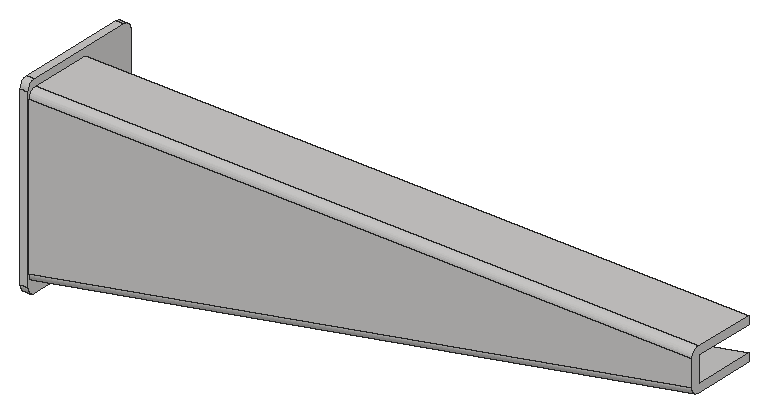
Revit family "E_Cable Tray Support_MEPcontent_OBO Bettermann_Bracket AW VA", category Cable Tray Fittings, Revit 2015
Parameters (values of type "AW 15 21 VA4301")
  Wholesaler Art. No. = ""
  Wholesaler = ""
  Watermarked By = "www.stabiplan.com"
  Width 1 = 210.00 mm
  Width = Width 1  # 210 mm
  URL = "www.stabiplan.com"
  built-in parameter 1140111 [instance] = 2.50 mm  # 0.0082021 (stored number, unit not read)
  Stabu Code = ""
  Revit Version = "2015"  # constant formula
  MEPcontent Class = "CABLE_TRAY_SUPPORT"  # constant formula
  Internal Art. No. = ""
  IFCExportType = "NOTDEFINED"  # constant formula
  IFCExportAs = "IfcCableCarrierFittingType"  # constant formula
  Function Code [instance] = ""
  Front Height = Height / 4  # 15.00 mm
  Family Version = "10.14"  # constant formula
  ETIM Article Class = "EC000022"  # constant formula
  EMCS Version = "2.0"  # constant formula
  Copyright = "© Stabiplan International BV"  # constant formula
  Content Supplier URL = ""
  CB-NL Class = ""
  Article Type = if(and(Width = 210.00 mm, Height = 60.00 mm), "AW 15 21 VA4301", "Unknown")  # "AW 15 21 VA4301"
  Product Line = "OBO BETTERMANN CableTrays"  # constant formula
  Model = if(and(Width = 210.00 mm, Height = 60.00 mm), "AW 15 21 VA4301", "Unknown")  # "AW 15 21 VA4301"
  Manufacturer = "OBO BETTERMANN"  # constant formula
  Custom [instance] = if(and(Width = 210.00 mm, Height = 60.00 mm), 1 = 0, 1 = 1)  # no
  Height 1 = 60.00 mm
  Height = Height 1  # 60 mm
  GTIN = if(and(Width = 210.00 mm, Height = 60.00 mm), "4012196207619", "Unknown")  # "4012196207619"
  Description = "Wall Bracket"
  Depth = 40.00 mm
  Manufacturer URL = "http://catalog4.obo-bettermann.com/catalogue/catalogue.do?forward=showProductGroup&act=showIO&favOid=kts_7098&action=showManyProducts&lang=nl&OID=kts_7098&catId="
  Gray = Color RGB 189-187-185
  Manufacturer Art. No. = if(and(Width = 210.00 mm, Height = 60.00 mm), "6421024", "Unknown")  # "6421024"
  Article Description = "Wall Bracket"
Reference planes
  plane 1 "Center (Front/Back)": y = 0
  plane 2: z = 0
  plane 3 "Center (Left/Right)": x = 0
  plane 4: y = 20
  plane 5: y = -20
  plane 6: x = 210
  plane 7: x = 2.5
  plane 8: z = 30
  plane 9: z = -30
  plane 10: z = -26
  plane 11: z = 15
  plane 12: y = -5
  plane 13: z = 28
Forms (mm)
  Extrusion 1, solid, material "Color RGB 189-187-185" <- "Gray", detail levels medium+fine
    sketch origin (0, 0, 0) x (0, 1, 0) y (0, 0, 1)
      loop
        line (17.5, 30) -> (-17.5, 30)
        arc (-17.5, 30) -> (-19.268, 29.268) -> (-20, 27.5) r 2.5
        line (-20, 27.5) -> (-20, -27.5)
        arc (-20, -27.5) -> (-19.268, -29.268) -> (-17.5, -30) r 2.5
        line (-17.5, -30) -> (17.5, -30)
        arc (17.5, -30) -> (19.268, -29.268) -> (20, -27.5) r 2.5
        line (20, -27.5) -> (20, 27.5)
        arc (20, 27.5) -> (19.268, 29.268) -> (17.5, 30) r 2.5
    from 0 to 2.5
  SweptBlend 2, solid, material "Color RGB 189-187-185" <- "Gray", detail levels medium+fine
    path origin (0, 0, 0) x (1, 0, 0) y (0, 0, 1)
      loop
        line (2.5, 0) -> (210, 0)
    profile origin (2.5, 0, 0) x (0, 0, 1) y (0, -1, 0)
      loop
        line (-26, -2) -> (-23.5, -2) -> (-23.5, 17.5) -> (25.5, 17.5) -> (25.5, -2) -> (28, -2) -> (28, 17.5)
        arc (28, 17.5) -> (27.268, 19.268) -> (25.5, 20) r 2.5
        line (25.5, 20) -> (-23.5, 20)
        arc (-23.5, 20) -> (-25.268, 19.268) -> (-26, 17.5) r 2.5
        line (-26, 17.5) -> (-26, -2)
    end profile origin (210, 0, 0) x (0, 0, 1) y (0, -1, 0)
      loop
        line (15, -2) -> (17.5, -2) -> (17.5, 17.5) -> (25.5, 17.5) -> (25.5, -2) -> (28, -2) -> (28, 17.5)
        arc (28, 17.5) -> (27.268, 19.268) -> (25.5, 20) r 2.5
        line (25.5, 20) -> (17.5, 20)
        arc (17.5, 20) -> (15.732, 19.268) -> (15, 17.5) r 2.5
        line (15, 17.5) -> (15, -2)
Lines and regions (mm)
  model lines, style "Fittings", detail levels coarse
    curve 1: line (0, 0, 28) -> (210, 0, 28)
    curve 2: line (0, 0, -30) -> (0, 0, 28)
Dimensions and locks
  equal spacing: plane 4, plane 1 "Center (Front/Back)", plane 5
  "Depth": plane 4 to plane 5
  "Width": plane 6 to plane 3 "Center (Left/Right)"
  locked: plane 7 to plane 3 "Center (Left/Right)" at 2.5
  "Height": plane 8 to plane 9
  equal spacing: plane 8, level, plane 9
  locked: plane 10 to plane 9 at 4
  locked: SweptBlend 2 sketch curve to plane 5 at 2.5  (x2)
  locked: SweptBlend 2 sketch curve to plane 10 at 2.5
  "Front Height": plane 8 to plane 11
  locked: SweptBlend 2 sketch curve to plane 11 at 2.5
  locked: plane 12 to plane 4 at 25
  locked: SweptBlend 2 sketch curve to SweptBlend 2 sketch curve at 2.5  (x2)
  locked: plane 8 to SweptBlend 2 sketch curve at 2  (x2)
  plane 4 to SweptBlend 2 sketch curve to SweptBlend 2 sketch curve = 18.00 mm locked, 0.00 mm locked
  locked: plane 4 to SweptBlend 2 sketch curve at 18  (x2)
  locked: plane 8 to plane 13 at 2
  radius of Extrusion 1 sketch curve = 2.50 mm  (x4)
  radius of SweptBlend 2 sketch curve = 2.50 mm  (x4)
  aligned and locked: level to plane 2
  aligned and locked: plane 8 to Extrusion 1 sketch curve
  aligned and locked: Extrusion 1 sketch curve to plane 4
  aligned and locked: Extrusion 1 sketch curve to plane 9
  aligned and locked: Extrusion 1 sketch curve to plane 5
  aligned and locked: plane 7 to Extrusion 1
  aligned and locked: plane 6 to SweptBlend 2 sketch curve
  aligned and locked: plane 7 to SweptBlend 2 sketch curve
  aligned and locked: SweptBlend 2 sketch curve to plane 2
  aligned and locked: plane 10 to SweptBlend 2 sketch curve
  aligned and locked: plane 5 to SweptBlend 2 sketch curve
  aligned and locked: curve 2 to Extrusion 1
  aligned and locked: plane 13 to curve 1
  aligned and locked: plane 9 to curve 2
Automatic sketch dimensions
  curve 1 to plane 6 = 0.00 mm
  SweptBlend 2 sketch curve to plane 11 = 0.00 mm
  SweptBlend 2 sketch curve to SweptBlend 2 sketch curve = 0.00 mm
